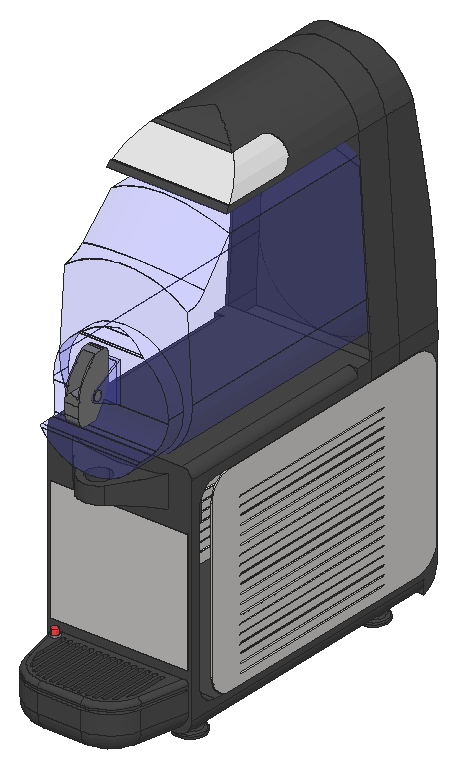
Revit family "QF_Vollrath_VCBF118-37", category Specialty Equipment, Revit 2016
Family settings
  Part Type = Normal
  Round Connector Dimension = Use Diameter
  OmniClass Number = 23.40.40.00
  OmniClass Title = Food Service Equipment and Furnishings
  Work Plane-Based = No
  Always vertical = Yes
  Cut with Voids When Loaded = No
  Shared = No
  Room Calculation Point = No
Parameters
  Width = 7.640"
  Weight in Pounds = 0
  Watermarked By = ""
  Volts = 115 V
  URL Cutsheet = ""
  URL = "www.vollrath.com"
  Status [instance] = ""
  Specification by User [instance] = ""
  Specification by Manufacturer [instance] = ""
  Serial Number [instance] = ""
  Revision Code [instance] = ""
  Phase = 1
  Number of Poles [instance] = 1
  NAFEM Spec ID Number [instance] = ""
  Model = "VCBF118-37"
  Masterspec [instance] = ""
  Manufacturer = "Vollrath"
  Item Number [instance] = "-"
  Installed By [instance] = ""
  Height = 26.140"
  Furnished By [instance] = ""
  Foodservice Equipment Identifier = yes
  FL Amps = 4.8 A
  Electrical Remarks [instance] = ""
  Electric Connection Type = ""
  Elec Conn RI Height [instance] = 0.000"
  Elec Conn Connection Height = 2.000"
  Description = "Granita Countertop Dispenser"
  Depth = 20.320"
  Cycle = 60 Hz
  Conn Plug = "NEMA 5-15P"
  CSI MasterFormat = ""
  Apparent Power = if(Phase = 3, Volts * FL Amps * 1.73, Volts * FL Amps)  # 552 VA
Reference planes (in)
  plane 1 "BACK": y = 0
  plane 2: z = 0
  plane 3 "LEFT": x = -16.56573
  plane 4 "RIGHT": x = -8.92573
  plane 5 "FRONT": y = -20.32
  plane 6 "TOP": z = 26.91
  plane 7: z = 0.77
  plane 8 "Front Inner": y = -16.3
  plane 9 "Center Left Legs": x = -15.24573
  plane 10 "Center Right Legs": x = -10.24573
  plane 11: y = -2.56
  plane 12: y = -14.74
  plane 13 "Bottom of Drain Dish": z = 0.93
  plane 14: x = -12.74573
Forms (in)
  Revolve 1, solid, material "QF_Plastic-Black-Fine Textured"
    sketch origin (-15.24573, 0, 0) x (0, 1, 0) y (0, 0, 1)
      loop
        line (-2.56, 0) -> (-2.56, 0.77) -> (-3.0145, 0.77) -> (-3.05101, 0.35263)
        arc (-3.05101, 0.35263) -> (-3.07459, 0.2886) -> (-3.12734, 0.24533) r 0.13
        line (-3.12734, 0.24533) -> (-3.30277, 0.16669)
        arc (-3.30277, 0.16669) -> (-3.32988, 0.14345) -> (-3.34, 0.1092) r 0.063
        line (-3.34, 0.1092) -> (-3.34, 0) -> (-2.56, 0)
      axis (-2.56, 0) -> (-2.56, 0.77)
    angle from 0 to 360
  Revolve 2, solid, material "QF_Plastic-Black-Fine Textured"
    sketch origin (-15.24573, 0, 0) x (0, 1, 0) y (0, 0, 1)
      loop
        line (-14.74, 0) -> (-14.74, 0.77) -> (-15.1945, 0.77) -> (-15.23101, 0.35263)
        arc (-15.23101, 0.35263) -> (-15.25459, 0.2886) -> (-15.30734, 0.24533) r 0.13
        line (-15.30734, 0.24533) -> (-15.48277, 0.16669)
        arc (-15.48277, 0.16669) -> (-15.50988, 0.14345) -> (-15.52, 0.1092) r 0.063
        line (-15.52, 0.1092) -> (-15.52, 0) -> (-14.74, 0)
      axis (-14.74, 0) -> (-14.74, 0.77)
    angle from 0 to 360
  Revolve 3, solid, material "QF_Plastic-Black-Fine Textured"
    sketch origin (-10.24573, 0, 0) x (0, 1, 0) y (0, 0, 1)
      loop
        line (-2.56, 0) -> (-2.56, 0.77) -> (-3.0145, 0.77) -> (-3.05101, 0.35263)
        arc (-3.05101, 0.35263) -> (-3.07459, 0.2886) -> (-3.12734, 0.24533) r 0.13
        line (-3.12734, 0.24533) -> (-3.30277, 0.16669)
        arc (-3.30277, 0.16669) -> (-3.32988, 0.14345) -> (-3.34, 0.1092) r 0.063
        line (-3.34, 0.1092) -> (-3.34, 0) -> (-2.56, 0)
      axis (-2.56, 0) -> (-2.56, 0.77)
    angle from 0 to 360
  Revolve 4, solid, material "QF_Plastic-Black-Fine Textured"
    sketch origin (-10.24573, 0, 0) x (0, 1, 0) y (0, 0, 1)
      loop
        line (-14.74, 0) -> (-14.74, 0.77) -> (-15.1945, 0.77) -> (-15.23101, 0.35263)
        arc (-15.23101, 0.35263) -> (-15.25459, 0.2886) -> (-15.30734, 0.24533) r 0.13
        line (-15.30734, 0.24533) -> (-15.48277, 0.16669)
        arc (-15.48277, 0.16669) -> (-15.50988, 0.14345) -> (-15.52, 0.1092) r 0.063
        line (-15.52, 0.1092) -> (-15.52, 0) -> (-14.74, 0)
      axis (-14.74, 0) -> (-14.74, 0.77)
    angle from 0 to 360
  Extrusion 5, solid, material "QF_Plastic-Black-Fine Textured"
    sketch origin (-16.56573, 0, 0) x (0, 1, 0) y (0, 0, 1)
      loop
        arc (-1.18, 0.77) -> (-0.34561, 1.11561) -> (0, 1.95) r 1.18
        line (0, 1.95) -> (0, 12.64) -> (-4.38, 12.64) -> (-4.38, 13.53) -> (-16.3, 13.53) -> (-16.3, 0.77) -> (-1.18, 0.77)
    from 0 to 7.64
  Extrusion 6, void
    sketch origin (0, -16.3, 0) x (1, 0, 0) y (0, 0, 1)
      loop
        line (-16.56573, 0.77) -> (-15.78573, 0.77)
        arc (-15.78573, 0.77) -> (-16.33727, 0.99846) -> (-16.56573, 1.55) r 0.78
        line (-16.56573, 1.55) -> (-16.56573, 0.77)
      loop
        line (-8.92573, 0.77) -> (-8.92573, 1.55)
        arc (-8.92573, 1.55) -> (-9.15418, 0.99846) -> (-9.70573, 0.77) r 0.78
        line (-9.70573, 0.77) -> (-8.92573, 0.77)
    from 0 to -15.46
  Extrusion 7, void
    sketch origin (-16.56573, 0, 0) x (0, 1, 0) y (0, 0, 1)
      loop
        line (-15.84, 11.4) -> (-15.84, 3.11)
        arc (-15.84, 3.11) -> (-15.50024, 2.28976) -> (-14.68, 1.95) r 1.16
        line (-14.68, 1.95) -> (-1.285, 1.95)
        arc (-1.285, 1.95) -> (-0.46476, 2.28976) -> (-0.125, 3.11) r 1.16
        line (-0.125, 3.11) -> (-0.125, 11.4)
        arc (-0.125, 11.4) -> (-0.46476, 12.22024) -> (-1.285, 12.56) r 1.16
        line (-1.285, 12.56) -> (-14.68, 12.56)
        arc (-14.68, 12.56) -> (-15.50024, 12.22024) -> (-15.84, 11.4) r 1.16
    from 0 to 7.64
  Extrusion 8, solid, material "QF_Stainless-Polished"
    sketch origin (-16.56573, 0, 0) x (0, 1, 0) y (0, 0, 1)
      loop
        line (-1.285, 12.56) -> (-14.68, 12.56)
        arc (-14.68, 12.56) -> (-15.50024, 12.22024) -> (-15.84, 11.4) r 1.16
        line (-15.84, 11.4) -> (-15.84, 3.11)
        arc (-15.84, 3.11) -> (-15.50024, 2.28976) -> (-14.68, 1.95) r 1.16
        line (-14.68, 1.95) -> (-1.285, 1.95)
        arc (-1.285, 1.95) -> (-0.46476, 2.28976) -> (-0.125, 3.11) r 1.16
        line (-0.125, 3.11) -> (-0.125, 11.4)
        arc (-0.125, 11.4) -> (-0.46476, 12.22024) -> (-1.285, 12.56) r 1.16
      loop
        line (-13.9, 2.45) -> (-3.725, 2.45)
        arc (-3.725, 2.45) -> (-3.61186, 2.40314) -> (-3.565, 2.29) r 0.16
        line (-3.565, 2.29) -> (-3.565, 2.42)
        arc (-3.565, 2.42) -> (-3.61186, 2.53314) -> (-3.725, 2.58) r 0.16
        line (-3.725, 2.58) -> (-13.9, 2.58)
        arc (-13.9, 2.58) -> (-14.01314, 2.53314) -> (-14.06, 2.42) r 0.16
        line (-14.06, 2.42) -> (-14.06, 2.29)
        arc (-14.06, 2.29) -> (-14.01314, 2.40314) -> (-13.9, 2.45) r 0.16
      loop
        line (-13.9, 2.92) -> (-3.725, 2.92)
        arc (-3.725, 2.92) -> (-3.61186, 2.87314) -> (-3.565, 2.76) r 0.16
        line (-3.565, 2.76) -> (-3.565, 2.89)
        arc (-3.565, 2.89) -> (-3.61186, 3.00314) -> (-3.725, 3.05) r 0.16
        line (-3.725, 3.05) -> (-13.9, 3.05)
        arc (-13.9, 3.05) -> (-14.01314, 3.00314) -> (-14.06, 2.89) r 0.16
        line (-14.06, 2.89) -> (-14.06, 2.76)
        arc (-14.06, 2.76) -> (-14.01314, 2.87314) -> (-13.9, 2.92) r 0.16
      loop
        line (-13.9, 3.39) -> (-3.725, 3.39)
        arc (-3.725, 3.39) -> (-3.61186, 3.34314) -> (-3.565, 3.23) r 0.16
        line (-3.565, 3.23) -> (-3.565, 3.36)
        arc (-3.565, 3.36) -> (-3.61186, 3.47314) -> (-3.725, 3.52) r 0.16
        line (-3.725, 3.52) -> (-13.9, 3.52)
        arc (-13.9, 3.52) -> (-14.01314, 3.47314) -> (-14.06, 3.36) r 0.16
        line (-14.06, 3.36) -> (-14.06, 3.23)
        arc (-14.06, 3.23) -> (-14.01314, 3.34314) -> (-13.9, 3.39) r 0.16
      loop
        line (-13.9, 3.86) -> (-3.725, 3.86)
        arc (-3.725, 3.86) -> (-3.61186, 3.81314) -> (-3.565, 3.7) r 0.16
        line (-3.565, 3.7) -> (-3.565, 3.83)
        arc (-3.565, 3.83) -> (-3.61186, 3.94314) -> (-3.725, 3.99) r 0.16
        line (-3.725, 3.99) -> (-13.9, 3.99)
        arc (-13.9, 3.99) -> (-14.01314, 3.94314) -> (-14.06, 3.83) r 0.16
        line (-14.06, 3.83) -> (-14.06, 3.7)
        arc (-14.06, 3.7) -> (-14.01314, 3.81314) -> (-13.9, 3.86) r 0.16
      loop
        line (-13.9, 4.33) -> (-3.725, 4.33)
        arc (-3.725, 4.33) -> (-3.61186, 4.28314) -> (-3.565, 4.17) r 0.16
        line (-3.565, 4.17) -> (-3.565, 4.3)
        arc (-3.565, 4.3) -> (-3.61186, 4.41314) -> (-3.725, 4.46) r 0.16
        line (-3.725, 4.46) -> (-13.9, 4.46)
        arc (-13.9, 4.46) -> (-14.01314, 4.41314) -> (-14.06, 4.3) r 0.16
        line (-14.06, 4.3) -> (-14.06, 4.17)
        arc (-14.06, 4.17) -> (-14.01314, 4.28314) -> (-13.9, 4.33) r 0.16
      loop
        line (-13.9, 4.8) -> (-3.725, 4.8)
        arc (-3.725, 4.8) -> (-3.61186, 4.75314) -> (-3.565, 4.64) r 0.16
        line (-3.565, 4.64) -> (-3.565, 4.77)
        arc (-3.565, 4.77) -> (-3.61186, 4.88314) -> (-3.725, 4.93) r 0.16
        line (-3.725, 4.93) -> (-13.9, 4.93)
        arc (-13.9, 4.93) -> (-14.01314, 4.88314) -> (-14.06, 4.77) r 0.16
        line (-14.06, 4.77) -> (-14.06, 4.64)
        arc (-14.06, 4.64) -> (-14.01314, 4.75314) -> (-13.9, 4.8) r 0.16
      loop
        line (-13.9, 5.27) -> (-3.725, 5.27)
        arc (-3.725, 5.27) -> (-3.61186, 5.22314) -> (-3.565, 5.11) r 0.16
        line (-3.565, 5.11) -> (-3.565, 5.24)
        arc (-3.565, 5.24) -> (-3.61186, 5.35314) -> (-3.725, 5.4) r 0.16
        line (-3.725, 5.4) -> (-13.9, 5.4)
        arc (-13.9, 5.4) -> (-14.01314, 5.35314) -> (-14.06, 5.24) r 0.16
        line (-14.06, 5.24) -> (-14.06, 5.11)
        arc (-14.06, 5.11) -> (-14.01314, 5.22314) -> (-13.9, 5.27) r 0.16
      loop
        line (-13.9, 5.74) -> (-3.725, 5.74)
        arc (-3.725, 5.74) -> (-3.61186, 5.69314) -> (-3.565, 5.58) r 0.16
        line (-3.565, 5.58) -> (-3.565, 5.71)
        arc (-3.565, 5.71) -> (-3.61186, 5.82314) -> (-3.725, 5.87) r 0.16
        line (-3.725, 5.87) -> (-13.9, 5.87)
        arc (-13.9, 5.87) -> (-14.01314, 5.82314) -> (-14.06, 5.71) r 0.16
        line (-14.06, 5.71) -> (-14.06, 5.58)
        arc (-14.06, 5.58) -> (-14.01314, 5.69314) -> (-13.9, 5.74) r 0.16
      loop
        line (-13.9, 6.21) -> (-3.725, 6.21)
        arc (-3.725, 6.21) -> (-3.61186, 6.16314) -> (-3.565, 6.05) r 0.16
        line (-3.565, 6.05) -> (-3.565, 6.18)
        arc (-3.565, 6.18) -> (-3.61186, 6.29314) -> (-3.725, 6.34) r 0.16
        line (-3.725, 6.34) -> (-13.9, 6.34)
        arc (-13.9, 6.34) -> (-14.01314, 6.29314) -> (-14.06, 6.18) r 0.16
        line (-14.06, 6.18) -> (-14.06, 6.05)
        arc (-14.06, 6.05) -> (-14.01314, 6.16314) -> (-13.9, 6.21) r 0.16
      loop
        line (-13.9, 6.68) -> (-3.725, 6.68)
        arc (-3.725, 6.68) -> (-3.61186, 6.63314) -> (-3.565, 6.52) r 0.16
        line (-3.565, 6.52) -> (-3.565, 6.65)
        arc (-3.565, 6.65) -> (-3.61186, 6.76314) -> (-3.725, 6.81) r 0.16
        line (-3.725, 6.81) -> (-13.9, 6.81)
        arc (-13.9, 6.81) -> (-14.01314, 6.76314) -> (-14.06, 6.65) r 0.16
        line (-14.06, 6.65) -> (-14.06, 6.52)
        arc (-14.06, 6.52) -> (-14.01314, 6.63314) -> (-13.9, 6.68) r 0.16
      loop
        line (-13.9, 7.15) -> (-3.725, 7.15)
        arc (-3.725, 7.15) -> (-3.61186, 7.10314) -> (-3.565, 6.99) r 0.16
        line (-3.565, 6.99) -> (-3.565, 7.12)
        arc (-3.565, 7.12) -> (-3.61186, 7.23314) -> (-3.725, 7.28) r 0.16
        line (-3.725, 7.28) -> (-13.9, 7.28)
        arc (-13.9, 7.28) -> (-14.01314, 7.23314) -> (-14.06, 7.12) r 0.16
        line (-14.06, 7.12) -> (-14.06, 6.99)
        arc (-14.06, 6.99) -> (-14.01314, 7.10314) -> (-13.9, 7.15) r 0.16
      loop
        line (-13.9, 7.62) -> (-3.725, 7.62)
        arc (-3.725, 7.62) -> (-3.61186, 7.57314) -> (-3.565, 7.46) r 0.16
        line (-3.565, 7.46) -> (-3.565, 7.59)
        arc (-3.565, 7.59) -> (-3.61186, 7.70314) -> (-3.725, 7.75) r 0.16
        line (-3.725, 7.75) -> (-13.9, 7.75)
        arc (-13.9, 7.75) -> (-14.01314, 7.70314) -> (-14.06, 7.59) r 0.16
        line (-14.06, 7.59) -> (-14.06, 7.46)
        arc (-14.06, 7.46) -> (-14.01314, 7.57314) -> (-13.9, 7.62) r 0.16
      loop
        line (-13.9, 8.09) -> (-3.725, 8.09)
        arc (-3.725, 8.09) -> (-3.61186, 8.04314) -> (-3.565, 7.93) r 0.16
        line (-3.565, 7.93) -> (-3.565, 8.06)
        arc (-3.565, 8.06) -> (-3.61186, 8.17314) -> (-3.725, 8.22) r 0.16
        line (-3.725, 8.22) -> (-13.9, 8.22)
        arc (-13.9, 8.22) -> (-14.01314, 8.17314) -> (-14.06, 8.06) r 0.16
        line (-14.06, 8.06) -> (-14.06, 7.93)
        arc (-14.06, 7.93) -> (-14.01314, 8.04314) -> (-13.9, 8.09) r 0.16
      loop
        line (-13.9, 8.56) -> (-3.725, 8.56)
        arc (-3.725, 8.56) -> (-3.61186, 8.51314) -> (-3.565, 8.4) r 0.16
        line (-3.565, 8.4) -> (-3.565, 8.53)
        arc (-3.565, 8.53) -> (-3.61186, 8.64314) -> (-3.725, 8.69) r 0.16
        line (-3.725, 8.69) -> (-13.9, 8.69)
        arc (-13.9, 8.69) -> (-14.01314, 8.64314) -> (-14.06, 8.53) r 0.16
        line (-14.06, 8.53) -> (-14.06, 8.4)
        arc (-14.06, 8.4) -> (-14.01314, 8.51314) -> (-13.9, 8.56) r 0.16
      loop
        line (-13.9, 9.03) -> (-3.725, 9.03)
        arc (-3.725, 9.03) -> (-3.61186, 8.98314) -> (-3.565, 8.87) r 0.16
        line (-3.565, 8.87) -> (-3.565, 9)
        arc (-3.565, 9) -> (-3.61186, 9.11314) -> (-3.725, 9.16) r 0.16
        line (-3.725, 9.16) -> (-13.9, 9.16)
        arc (-13.9, 9.16) -> (-14.01314, 9.11314) -> (-14.06, 9) r 0.16
        line (-14.06, 9) -> (-14.06, 8.87)
        arc (-14.06, 8.87) -> (-14.01314, 8.98314) -> (-13.9, 9.03) r 0.16
      loop
        line (-13.9, 9.5) -> (-3.725, 9.5)
        arc (-3.725, 9.5) -> (-3.61186, 9.45314) -> (-3.565, 9.34) r 0.16
        line (-3.565, 9.34) -> (-3.565, 9.47)
        arc (-3.565, 9.47) -> (-3.61186, 9.58314) -> (-3.725, 9.63) r 0.16
        line (-3.725, 9.63) -> (-13.9, 9.63)
        arc (-13.9, 9.63) -> (-14.01314, 9.58314) -> (-14.06, 9.47) r 0.16
        line (-14.06, 9.47) -> (-14.06, 9.34)
        arc (-14.06, 9.34) -> (-14.01314, 9.45314) -> (-13.9, 9.5) r 0.16
      loop
        line (-13.9, 9.97) -> (-3.725, 9.97)
        arc (-3.725, 9.97) -> (-3.61186, 9.92314) -> (-3.565, 9.81) r 0.16
        line (-3.565, 9.81) -> (-3.565, 9.94)
        arc (-3.565, 9.94) -> (-3.61186, 10.05314) -> (-3.725, 10.1) r 0.16
        line (-3.725, 10.1) -> (-13.9, 10.1)
        arc (-13.9, 10.1) -> (-14.01314, 10.05314) -> (-14.06, 9.94) r 0.16
        line (-14.06, 9.94) -> (-14.06, 9.81)
        arc (-14.06, 9.81) -> (-14.01314, 9.92314) -> (-13.9, 9.97) r 0.16
      loop
        line (-13.9, 10.44) -> (-3.725, 10.44)
        arc (-3.725, 10.44) -> (-3.61186, 10.39314) -> (-3.565, 10.28) r 0.16
        line (-3.565, 10.28) -> (-3.565, 10.41)
        arc (-3.565, 10.41) -> (-3.61186, 10.52314) -> (-3.725, 10.57) r 0.16
        line (-3.725, 10.57) -> (-13.9, 10.57)
        arc (-13.9, 10.57) -> (-14.01314, 10.52314) -> (-14.06, 10.41) r 0.16
        line (-14.06, 10.41) -> (-14.06, 10.28)
        arc (-14.06, 10.28) -> (-14.01314, 10.39314) -> (-13.9, 10.44) r 0.16
      loop
        line (-13.9, 10.91) -> (-13.75, 10.91) -> (-3.725, 10.91)
        arc (-3.725, 10.91) -> (-3.61186, 10.86314) -> (-3.565, 10.75) r 0.16
        line (-3.565, 10.75) -> (-3.565, 10.88)
        arc (-3.565, 10.88) -> (-3.61186, 10.99314) -> (-3.725, 11.04) r 0.16
        line (-3.725, 11.04) -> (-13.9, 11.04)
        arc (-13.9, 11.04) -> (-14.01314, 10.99314) -> (-14.06, 10.88) r 0.16
        line (-14.06, 10.88) -> (-14.06, 10.75)
        arc (-14.06, 10.75) -> (-14.01314, 10.86314) -> (-13.9, 10.91) r 0.16
    from 0 to -0.063
  Extrusion 9, solid, material "QF_Stainless-Polished"
    sketch origin (-8.92573, 0, 0) x (0, 1, 0) y (0, 0, 1)
      loop
        arc (-13.84, 12.56) -> (-14.66024, 12.22024) -> (-15, 11.4) r 1.16
        line (-15, 11.4) -> (-15, 3.11)
        arc (-15, 3.11) -> (-14.66024, 2.28976) -> (-13.84, 1.95) r 1.16
        line (-13.84, 1.95) -> (-1.285, 1.95)
        arc (-1.285, 1.95) -> (-0.46476, 2.28976) -> (-0.125, 3.11) r 1.16
        line (-0.125, 3.11) -> (-0.125, 11.4)
        arc (-0.125, 11.4) -> (-0.46476, 12.22024) -> (-1.285, 12.56) r 1.16
        line (-1.285, 12.56) -> (-13.84, 12.56)
      loop
        arc (-3.725, 2.45) -> (-3.61186, 2.40314) -> (-3.565, 2.29) r 0.16
        line (-3.565, 2.29) -> (-3.565, 2.42)
        arc (-3.565, 2.42) -> (-3.61186, 2.53314) -> (-3.725, 2.58) r 0.16
        line (-3.725, 2.58) -> (-13.06, 2.58)
        arc (-13.06, 2.58) -> (-13.17314, 2.53314) -> (-13.22, 2.42) r 0.16
        line (-13.22, 2.42) -> (-13.22, 2.29)
        arc (-13.22, 2.29) -> (-13.17314, 2.40314) -> (-13.06, 2.45) r 0.16
        line (-13.06, 2.45) -> (-3.725, 2.45)
      loop
        arc (-3.725, 2.92) -> (-3.61186, 2.87314) -> (-3.565, 2.76) r 0.16
        line (-3.565, 2.76) -> (-3.565, 2.89)
        arc (-3.565, 2.89) -> (-3.61186, 3.00314) -> (-3.725, 3.05) r 0.16
        line (-3.725, 3.05) -> (-13.06, 3.05)
        arc (-13.06, 3.05) -> (-13.17314, 3.00314) -> (-13.22, 2.89) r 0.16
        line (-13.22, 2.89) -> (-13.22, 2.76)
        arc (-13.22, 2.76) -> (-13.17314, 2.87314) -> (-13.06, 2.92) r 0.16
        line (-13.06, 2.92) -> (-3.725, 2.92)
      loop
        arc (-3.725, 3.39) -> (-3.61186, 3.34314) -> (-3.565, 3.23) r 0.16
        line (-3.565, 3.23) -> (-3.565, 3.36)
        arc (-3.565, 3.36) -> (-3.61186, 3.47314) -> (-3.725, 3.52) r 0.16
        line (-3.725, 3.52) -> (-13.06, 3.52)
        arc (-13.06, 3.52) -> (-13.17314, 3.47314) -> (-13.22, 3.36) r 0.16
        line (-13.22, 3.36) -> (-13.22, 3.23)
        arc (-13.22, 3.23) -> (-13.17314, 3.34314) -> (-13.06, 3.39) r 0.16
        line (-13.06, 3.39) -> (-3.725, 3.39)
      loop
        arc (-3.725, 3.86) -> (-3.61186, 3.81314) -> (-3.565, 3.7) r 0.16
        line (-3.565, 3.7) -> (-3.565, 3.83)
        arc (-3.565, 3.83) -> (-3.61186, 3.94314) -> (-3.725, 3.99) r 0.16
        line (-3.725, 3.99) -> (-13.06, 3.99)
        arc (-13.06, 3.99) -> (-13.17314, 3.94314) -> (-13.22, 3.83) r 0.16
        line (-13.22, 3.83) -> (-13.22, 3.7)
        arc (-13.22, 3.7) -> (-13.17314, 3.81314) -> (-13.06, 3.86) r 0.16
        line (-13.06, 3.86) -> (-3.725, 3.86)
      loop
        arc (-3.725, 4.33) -> (-3.61186, 4.28314) -> (-3.565, 4.17) r 0.16
        line (-3.565, 4.17) -> (-3.565, 4.3)
        arc (-3.565, 4.3) -> (-3.61186, 4.41314) -> (-3.725, 4.46) r 0.16
        line (-3.725, 4.46) -> (-13.06, 4.46)
        arc (-13.06, 4.46) -> (-13.17314, 4.41314) -> (-13.22, 4.3) r 0.16
        line (-13.22, 4.3) -> (-13.22, 4.17)
        arc (-13.22, 4.17) -> (-13.17314, 4.28314) -> (-13.06, 4.33) r 0.16
        line (-13.06, 4.33) -> (-3.725, 4.33)
      loop
        arc (-3.725, 4.8) -> (-3.61186, 4.75314) -> (-3.565, 4.64) r 0.16
        line (-3.565, 4.64) -> (-3.565, 4.77)
        arc (-3.565, 4.77) -> (-3.61186, 4.88314) -> (-3.725, 4.93) r 0.16
        line (-3.725, 4.93) -> (-13.06, 4.93)
        arc (-13.06, 4.93) -> (-13.17314, 4.88314) -> (-13.22, 4.77) r 0.16
        line (-13.22, 4.77) -> (-13.22, 4.64)
        arc (-13.22, 4.64) -> (-13.17314, 4.75314) -> (-13.06, 4.8) r 0.16
        line (-13.06, 4.8) -> (-3.725, 4.8)
      loop
        arc (-3.725, 5.27) -> (-3.61186, 5.22314) -> (-3.565, 5.11) r 0.16
        line (-3.565, 5.11) -> (-3.565, 5.24)
        arc (-3.565, 5.24) -> (-3.61186, 5.35314) -> (-3.725, 5.4) r 0.16
        line (-3.725, 5.4) -> (-13.06, 5.4)
        arc (-13.06, 5.4) -> (-13.17314, 5.35314) -> (-13.22, 5.24) r 0.16
        line (-13.22, 5.24) -> (-13.22, 5.11)
        arc (-13.22, 5.11) -> (-13.17314, 5.22314) -> (-13.06, 5.27) r 0.16
        line (-13.06, 5.27) -> (-3.725, 5.27)
      loop
        arc (-3.725, 5.74) -> (-3.61186, 5.69314) -> (-3.565, 5.58) r 0.16
        line (-3.565, 5.58) -> (-3.565, 5.71)
        arc (-3.565, 5.71) -> (-3.61186, 5.82314) -> (-3.725, 5.87) r 0.16
        line (-3.725, 5.87) -> (-13.06, 5.87)
        arc (-13.06, 5.87) -> (-13.17314, 5.82314) -> (-13.22, 5.71) r 0.16
        line (-13.22, 5.71) -> (-13.22, 5.58)
        arc (-13.22, 5.58) -> (-13.17314, 5.69314) -> (-13.06, 5.74) r 0.16
        line (-13.06, 5.74) -> (-3.725, 5.74)
      loop
        arc (-3.725, 6.21) -> (-3.61186, 6.16314) -> (-3.565, 6.05) r 0.16
        line (-3.565, 6.05) -> (-3.565, 6.18)
        arc (-3.565, 6.18) -> (-3.61186, 6.29314) -> (-3.725, 6.34) r 0.16
        line (-3.725, 6.34) -> (-13.06, 6.34)
        arc (-13.06, 6.34) -> (-13.17314, 6.29314) -> (-13.22, 6.18) r 0.16
        line (-13.22, 6.18) -> (-13.22, 6.05)
        arc (-13.22, 6.05) -> (-13.17314, 6.16314) -> (-13.06, 6.21) r 0.16
        line (-13.06, 6.21) -> (-3.725, 6.21)
      loop
        arc (-3.725, 6.68) -> (-3.61186, 6.63314) -> (-3.565, 6.52) r 0.16
        line (-3.565, 6.52) -> (-3.565, 6.65)
        arc (-3.565, 6.65) -> (-3.61186, 6.76314) -> (-3.725, 6.81) r 0.16
        line (-3.725, 6.81) -> (-13.06, 6.81)
        arc (-13.06, 6.81) -> (-13.17314, 6.76314) -> (-13.22, 6.65) r 0.16
        line (-13.22, 6.65) -> (-13.22, 6.52)
        arc (-13.22, 6.52) -> (-13.17314, 6.63314) -> (-13.06, 6.68) r 0.16
        line (-13.06, 6.68) -> (-3.725, 6.68)
      loop
        arc (-3.725, 7.15) -> (-3.61186, 7.10314) -> (-3.565, 6.99) r 0.16
        line (-3.565, 6.99) -> (-3.565, 7.12)
        arc (-3.565, 7.12) -> (-3.61186, 7.23314) -> (-3.725, 7.28) r 0.16
        line (-3.725, 7.28) -> (-13.06, 7.28)
        arc (-13.06, 7.28) -> (-13.17314, 7.23314) -> (-13.22, 7.12) r 0.16
        line (-13.22, 7.12) -> (-13.22, 6.99)
        arc (-13.22, 6.99) -> (-13.17314, 7.10314) -> (-13.06, 7.15) r 0.16
        line (-13.06, 7.15) -> (-3.725, 7.15)
      loop
        arc (-3.725, 7.62) -> (-3.61186, 7.57314) -> (-3.565, 7.46) r 0.16
        line (-3.565, 7.46) -> (-3.565, 7.59)
        arc (-3.565, 7.59) -> (-3.61186, 7.70314) -> (-3.725, 7.75) r 0.16
        line (-3.725, 7.75) -> (-13.06, 7.75)
        arc (-13.06, 7.75) -> (-13.17314, 7.70314) -> (-13.22, 7.59) r 0.16
        line (-13.22, 7.59) -> (-13.22, 7.46)
        arc (-13.22, 7.46) -> (-13.17314, 7.57314) -> (-13.06, 7.62) r 0.16
        line (-13.06, 7.62) -> (-3.725, 7.62)
      loop
        arc (-3.725, 8.09) -> (-3.61186, 8.04314) -> (-3.565, 7.93) r 0.16
        line (-3.565, 7.93) -> (-3.565, 8.06)
        arc (-3.565, 8.06) -> (-3.61186, 8.17314) -> (-3.725, 8.22) r 0.16
        line (-3.725, 8.22) -> (-13.06, 8.22)
        arc (-13.06, 8.22) -> (-13.17314, 8.17314) -> (-13.22, 8.06) r 0.16
        line (-13.22, 8.06) -> (-13.22, 7.93)
        arc (-13.22, 7.93) -> (-13.17314, 8.04314) -> (-13.06, 8.09) r 0.16
        line (-13.06, 8.09) -> (-3.725, 8.09)
      loop
        arc (-3.725, 8.56) -> (-3.61186, 8.51314) -> (-3.565, 8.4) r 0.16
        line (-3.565, 8.4) -> (-3.565, 8.53)
        arc (-3.565, 8.53) -> (-3.61186, 8.64314) -> (-3.725, 8.69) r 0.16
        line (-3.725, 8.69) -> (-13.06, 8.69)
        arc (-13.06, 8.69) -> (-13.17314, 8.64314) -> (-13.22, 8.53) r 0.16
        line (-13.22, 8.53) -> (-13.22, 8.4)
        arc (-13.22, 8.4) -> (-13.17314, 8.51314) -> (-13.06, 8.56) r 0.16
        line (-13.06, 8.56) -> (-3.725, 8.56)
      loop
        arc (-3.725, 9.03) -> (-3.61186, 8.98314) -> (-3.565, 8.87) r 0.16
        line (-3.565, 8.87) -> (-3.565, 9)
        arc (-3.565, 9) -> (-3.61186, 9.11314) -> (-3.725, 9.16) r 0.16
        line (-3.725, 9.16) -> (-13.06, 9.16)
        arc (-13.06, 9.16) -> (-13.17314, 9.11314) -> (-13.22, 9) r 0.16
        line (-13.22, 9) -> (-13.22, 8.87)
        arc (-13.22, 8.87) -> (-13.17314, 8.98314) -> (-13.06, 9.03) r 0.16
        line (-13.06, 9.03) -> (-3.725, 9.03)
      loop
        arc (-3.725, 9.5) -> (-3.61186, 9.45314) -> (-3.565, 9.34) r 0.16
        line (-3.565, 9.34) -> (-3.565, 9.47)
        arc (-3.565, 9.47) -> (-3.61186, 9.58314) -> (-3.725, 9.63) r 0.16
        line (-3.725, 9.63) -> (-13.06, 9.63)
        arc (-13.06, 9.63) -> (-13.17314, 9.58314) -> (-13.22, 9.47) r 0.16
        line (-13.22, 9.47) -> (-13.22, 9.34)
        arc (-13.22, 9.34) -> (-13.17314, 9.45314) -> (-13.06, 9.5) r 0.16
        line (-13.06, 9.5) -> (-3.725, 9.5)
      loop
        arc (-3.725, 9.97) -> (-3.61186, 9.92314) -> (-3.565, 9.81) r 0.16
        line (-3.565, 9.81) -> (-3.565, 9.94)
        arc (-3.565, 9.94) -> (-3.61186, 10.05314) -> (-3.725, 10.1) r 0.16
        line (-3.725, 10.1) -> (-13.06, 10.1)
        arc (-13.06, 10.1) -> (-13.17314, 10.05314) -> (-13.22, 9.94) r 0.16
        line (-13.22, 9.94) -> (-13.22, 9.81)
        arc (-13.22, 9.81) -> (-13.17314, 9.92314) -> (-13.06, 9.97) r 0.16
        line (-13.06, 9.97) -> (-3.725, 9.97)
      loop
        arc (-3.725, 10.44) -> (-3.61186, 10.39314) -> (-3.565, 10.28) r 0.16
        line (-3.565, 10.28) -> (-3.565, 10.41)
        arc (-3.565, 10.41) -> (-3.61186, 10.52314) -> (-3.725, 10.57) r 0.16
        line (-3.725, 10.57) -> (-13.06, 10.57)
        arc (-13.06, 10.57) -> (-13.17314, 10.52314) -> (-13.22, 10.41) r 0.16
        line (-13.22, 10.41) -> (-13.22, 10.28)
        arc (-13.22, 10.28) -> (-13.17314, 10.39314) -> (-13.06, 10.44) r 0.16
        line (-13.06, 10.44) -> (-3.725, 10.44)
      loop
        arc (-3.725, 10.91) -> (-3.61186, 10.86314) -> (-3.565, 10.75) r 0.16
        line (-3.565, 10.75) -> (-3.565, 10.88)
        arc (-3.565, 10.88) -> (-3.61186, 10.99314) -> (-3.725, 11.04) r 0.16
        line (-3.725, 11.04) -> (-13.06, 11.04)
        arc (-13.06, 11.04) -> (-13.17314, 10.99314) -> (-13.22, 10.88) r 0.16
        line (-13.22, 10.88) -> (-13.22, 10.75)
        arc (-13.22, 10.75) -> (-13.17314, 10.86314) -> (-13.06, 10.91) r 0.16
        line (-13.06, 10.91) -> (-3.875, 10.91) -> (-3.725, 10.91)
    from 0 to 0.063
  Extrusion 10, solid, material "QF_Stainless-Polished"
    sketch origin (0, -16.3, 0) x (1, 0, 0) y (0, 0, 1)
      loop
        line (-16.38573, 3.93) -> (-9.10573, 3.93) -> (-9.10573, 10.43) -> (-16.38573, 10.43) -> (-16.38573, 3.93)
    from 0 to 0.063
  Extrusion 11, void
    sketch origin (0, -20.32, 0) x (-1, 0, 0) y (0, 0, 1)
      loop
        line (16.56573, 13.53) -> (16.06573, 13.53)
        arc (16.06573, 13.53) -> (16.41928, 13.38355) -> (16.56573, 13.03) r 0.5
        line (16.56573, 13.03) -> (16.56573, 13.53)
      loop
        line (8.92573, 13.53) -> (8.92573, 13.03)
        arc (8.92573, 13.03) -> (9.07217, 13.38355) -> (9.42573, 13.53) r 0.5
        line (9.42573, 13.53) -> (8.92573, 13.53)
    from 0 to 15.1
  Extrusion 12, solid, material "QF_Plastic-Black-Fine Textured"
    sketch origin (0, 0, 0) x (1, 0, 0) y (0, 0, 1)
      loop
        circle (-15.24573, 3.93) r 0.125
    from 0 to -0.125
Cuts and joins
  Extrusion 6, Extrusion 7, Extrusion 11 cuts Extrusion 5
Dimensions and locks (in)
  "Width": plane 3 "LEFT" to plane 4 "RIGHT"
  "Depth": plane 5 "FRONT" to plane 1 "BACK"
  locked: plane 7 to plane 2 at 0.77
  "Height": plane 6 "TOP" to plane 7
  locked: plane 8 "Front Inner" to plane 1 "BACK" at 16.3
  locked: plane 3 "LEFT" to plane 9 "Center Left Legs" at 1.32
  locked: plane 10 "Center Right Legs" to plane 4 "RIGHT" at 1.32
  locked: plane 11 to plane 1 "BACK" at 2.56
  locked: plane 8 "Front Inner" to plane 12 at 1.56
  locked: plane 1 "BACK" to Extrusion 8 sketch curve at 0.125
  locked: Extrusion 8 sketch curve to plane 7 at 1.18
  locked: Extrusion 8 sketch curve to plane 8 "Front Inner" at 0.46
  locked: plane 7 to Extrusion 8 sketch curve at 11.79
  locked: plane 13 "Bottom of Drain Dish" to plane 7 at 0.16
  equal spacing: plane 3 "LEFT", plane 14, plane 4 "RIGHT"
  locked: Extrusion 5 sketch curve to plane 7 at 12.76
  aligned and locked: level to plane 2
  aligned and locked: level to Revolve 1 sketch curve
  aligned and locked: Revolve 1 sketch curve to plane 11
  aligned and locked: Revolve 1 sketch curve to plane 7
  aligned and locked: Revolve 1 sketch curve to level
  aligned and locked: Revolve 1 sketch curve to Revolve 1 sketch curve
  aligned and locked: level to Revolve 2 sketch curve
  aligned and locked: Revolve 2 sketch curve to plane 12
  aligned and locked: Revolve 2 sketch curve to plane 7
  aligned and locked: Revolve 2 sketch curve to level
  aligned and locked: Revolve 2 sketch curve to Revolve 2 sketch curve
  aligned and locked: Revolve 3 sketch curve to Revolve 3 sketch curve
  aligned and locked: Revolve 3 sketch curve to plane 11
  aligned and locked: Revolve 3 sketch curve to plane 7
  aligned and locked: Revolve 3 sketch curve to level
  aligned and locked: Revolve 4 sketch curve to Revolve 4 sketch curve
  aligned and locked: Revolve 4 sketch curve to plane 12
  aligned and locked: Revolve 4 sketch curve to plane 7
  aligned and locked: Revolve 4 sketch curve to level
  aligned and locked: Extrusion 5 sketch curve to plane 7
  aligned and locked: Extrusion 5 sketch curve to plane 1 "BACK"
  aligned and locked: plane 8 "Front Inner" to Extrusion 5 sketch curve
  aligned and locked: plane 4 "RIGHT" to Extrusion 5
  aligned and locked: Extrusion 6 sketch curve to plane 7
  aligned and locked: plane 3 "LEFT" to Extrusion 6 sketch curve
  aligned and locked: plane 4 "RIGHT" to Extrusion 6 sketch curve
  aligned and locked: plane 7 to Extrusion 6 sketch curve
  aligned and locked: plane 4 "RIGHT" to Extrusion 7
  aligned and locked: plane 14 to nested 1
  aligned and locked: plane 5 "FRONT" to nested 1
  aligned and locked: plane 14 to nested 2
  aligned and locked: plane 1 "BACK" to nested 2
  aligned and locked: Extrusion 11 sketch curve to cut or joined group of Extrusion 5, Extrusion 6, Extrusion 7, Extrusion 11  (x2)
Automatic sketch dimensions
  Revolve 1 sketch curve to plane 7 = 0.000"
  Revolve 1 sketch curve to Revolve 1 sketch curve = 0.4545"
  Revolve 1 sketch curve to Revolve 1 sketch curve = 0.03652"
  level to Revolve 1 sketch curve = 0.24533"
  Revolve 1 sketch curve to Revolve 1 sketch curve = 0.07633"
  Revolve 1 sketch curve to Revolve 1 sketch curve = 0.05318"
  Revolve 1 sketch curve to Revolve 1 sketch curve = 0.14966"
  level to Revolve 1 sketch curve = 0.16669"
  Revolve 1 sketch curve to Revolve 1 sketch curve = 0.02577"
  Revolve 1 sketch curve to Revolve 1 sketch curve = 0.063"
  Revolve 1 sketch curve to Revolve 1 sketch curve = 0.1073"
  Revolve 2 sketch curve to plane 7 = 0.000"
  plane 12 to Revolve 2 sketch curve = 0.4545"
  Revolve 2 sketch curve to Revolve 2 sketch curve = 0.03652"
  level to Revolve 2 sketch curve = 0.24533"
  Revolve 2 sketch curve to Revolve 2 sketch curve = 0.07633"
  Revolve 2 sketch curve to Revolve 2 sketch curve = 0.05318"
  Revolve 2 sketch curve to Revolve 2 sketch curve = 0.14966"
  level to Revolve 2 sketch curve = 0.16669"
  Revolve 2 sketch curve to Revolve 2 sketch curve = 0.02577"
  Revolve 2 sketch curve to Revolve 2 sketch curve = 0.063"
  Revolve 2 sketch curve to Revolve 2 sketch curve = 0.1073"
  Revolve 3 sketch curve to plane 7 = 0.000"
  Revolve 3 sketch curve to level = 0.000"
  level to Revolve 3 sketch curve = 0.1092"
  level to Revolve 3 sketch curve = 0.16669"
  Revolve 3 sketch curve to Revolve 3 sketch curve = 0.03723"
  Revolve 3 sketch curve to Revolve 3 sketch curve = 0.12225"
  level to Revolve 3 sketch curve = 0.24533"
  Revolve 3 sketch curve to Revolve 3 sketch curve = 0.05318"
  level to Revolve 3 sketch curve = 0.35263"
  Revolve 3 sketch curve to Revolve 3 sketch curve = 0.12951"
  Revolve 3 sketch curve to Revolve 3 sketch curve = 0.03652"
  Revolve 3 sketch curve to Revolve 3 sketch curve = 0.49101"
  Revolve 4 sketch curve to level = 0.000"
  Revolve 4 sketch curve to plane 7 = 0.000"
  Revolve 4 sketch curve to Revolve 4 sketch curve = 0.4545"
  Revolve 4 sketch curve to Revolve 4 sketch curve = 0.03652"
  level to Revolve 4 sketch curve = 0.24533"
  Revolve 4 sketch curve to Revolve 4 sketch curve = 0.07633"
  Revolve 4 sketch curve to Revolve 4 sketch curve = 0.05318"
  Revolve 4 sketch curve to Revolve 4 sketch curve = 0.14966"
  level to Revolve 4 sketch curve = 0.16669"
  Revolve 4 sketch curve to Revolve 4 sketch curve = 0.02577"
  Revolve 4 sketch curve to Revolve 4 sketch curve = 0.063"
  Revolve 4 sketch curve to Revolve 4 sketch curve = 0.1073"
  plane 11 to Extrusion 5 sketch curve = 1.820"
  plane 1 "BACK" to Extrusion 5 sketch curve = 1.180"
  Extrusion 6 sketch curve to plane 9 "Center Left Legs" = 0.540"
  plane 10 "Center Right Legs" to Extrusion 6 sketch curve = 0.540"
  Extrusion 7 sketch curve to plane 8 "Front Inner" = 0.460"
  Extrusion 7 sketch curve to plane 12 = 0.060"  (x2)
  Extrusion 7 sketch curve to plane 11 = 1.275"  (x2)
  plane 1 "BACK" to Extrusion 7 sketch curve = 0.125"
  plane 7 to Extrusion 7 sketch curve = 1.180"
  Extrusion 7 sketch curve to Extrusion 7 sketch curve = 8.290"
  Extrusion 8 sketch curve to plane 12 = 0.060"  (x2)
  Extrusion 8 sketch curve to plane 12 = 0.680"  (x2)
  Extrusion 8 sketch curve to Extrusion 8 sketch curve = 0.000"  (x146)
  Extrusion 8 sketch curve to Extrusion 8 sketch curve = 0.160"  (x23)
  plane 11 to Extrusion 8 sketch curve = 1.165"  (x2)
  Extrusion 8 sketch curve to plane 11 = 1.275"
  Extrusion 8 sketch curve to Extrusion 8 sketch curve = 1.160"
  Extrusion 8 sketch curve to Extrusion 8 sketch curve = 0.340"
  Extrusion 8 sketch curve to Extrusion 8 sketch curve = 0.130"  (x20)
  Extrusion 8 sketch curve to Extrusion 8 sketch curve = 0.180"  (x18)
  Extrusion 8 sketch curve to Extrusion 8 sketch curve = 0.030"  (x16)
  Extrusion 8 sketch curve to Extrusion 8 sketch curve = 0.150"
  plane 1 "BACK" to Extrusion 9 sketch curve = 15.000"
  Extrusion 9 sketch curve to Extrusion 9 sketch curve = 1.160"  (x3)
  Extrusion 9 sketch curve to Extrusion 9 sketch curve = 0.620"
  Extrusion 9 sketch curve to Extrusion 9 sketch curve = 0.000"  (x124)
  Extrusion 9 sketch curve to Extrusion 9 sketch curve = 0.160"  (x26)
  Extrusion 9 sketch curve to Extrusion 9 sketch curve = 9.185"
  Extrusion 9 sketch curve to Extrusion 9 sketch curve = 0.150"
  Extrusion 9 sketch curve to Extrusion 9 sketch curve = 2.280"
  Extrusion 9 sketch curve to Extrusion 9 sketch curve = 2.440"
  plane 7 to Extrusion 9 sketch curve = 1.180"
  Extrusion 9 sketch curve to Extrusion 9 sketch curve = 0.340"
  plane 7 to Extrusion 9 sketch curve = 1.520"
  Extrusion 9 sketch curve to Extrusion 9 sketch curve = 0.130"  (x19)
  Extrusion 9 sketch curve to Extrusion 9 sketch curve = 0.030"  (x19)
  Extrusion 9 sketch curve to Extrusion 9 sketch curve = 0.180"  (x36)
  Extrusion 9 sketch curve to Extrusion 9 sketch curve = 0.520"
  plane 3 "LEFT" to Extrusion 10 sketch curve = 0.180"
  Extrusion 10 sketch curve to plane 4 "RIGHT" = 0.180"
  plane 13 "Bottom of Drain Dish" to Extrusion 10 sketch curve = 3.000"
  Extrusion 10 sketch curve to Extrusion 10 sketch curve = 6.500"
  Extrusion 5 sketch curve to Extrusion 5 sketch curve = 0.890"
  Extrusion 11 sketch curve to plane 4 "RIGHT" = 0.000"
  Extrusion 11 sketch curve to plane 3 "LEFT" = 0.000"
  Extrusion 11 sketch curve to Extrusion 11 sketch curve = 0.500"
  Extrusion 11 sketch curve to Extrusion 11 sketch curve = 0.000"
  Extrusion 12 sketch curve to plane 9 "Center Left Legs" = 0.000"
  plane 13 "Bottom of Drain Dish" to Extrusion 12 sketch curve = 3.000"
  radius of Extrusion 12 sketch curve = 0.125"
Nested families (in)
  nested 1: "QF_Stoeling_FBG_Drain Dish" at (0, -16.3, 0.93), type "QF_Stoeling_FBG_Drain Dish"
  nested 2: "QF_Stoelting_FBG Tops_6 Liter - F" at (-0.08, 0, 11.955), type "QF_Stoelting_FBG Tops_6 Liter - F"
Connectors (in)
  electrical at (-15.24573, 0.125, 3.93)
    settings: on Extrusion 12, index 1, voltage 0 V, apparent load 0 VA, apparent load phase1 0 VA, apparent load phase2 0 VA, apparent load phase3 0 VA, power factor 1, load classification "Other", number of poles 1, system type 31, power factor state 1, is connector primary yes, connector utility no, sub classification motor no, connector description ""
Definition of nested family "QF_Stoeling_FBG_Drain Dish"
  Parameters
    Watermarked By = ""
    Description = ""
  Reference planes (in)
    plane 1 "BACK": y = 0
    plane 2: z = 0
    plane 3 "LEFT": x = -16.56573
    plane 4 "FRONT": y = -4.02
    plane 5 "RIGHT": x = -8.92573
    plane 6 "TOP": z = 2.5
    plane 7: z = 2.15
    plane 8: x = -16.38573
    plane 9: x = -9.10573
    plane 10 "Bottom top": z = 2.025
    plane 11 "Center LR": x = -12.74573
  Forms (in)
    Extrusion 1, solid
      sketch origin (0, 0, 0) x (1, 0, 0) y (0, 1, 0)
        loop
          line (-9.10573, 0) -> (-16.38573, 0) -> (-15.8428, -2.45232)
          arc (-15.8428, -2.45232) -> (-15.14215, -3.57959) -> (-13.89008, -4.02) r 2
          line (-13.89008, -4.02) -> (-11.60137, -4.02)
          arc (-11.60137, -4.02) -> (-10.3493, -3.57959) -> (-9.64865, -2.45232) r 2
          line (-9.64865, -2.45232) -> (-9.10573, 0)
      from 0 to 2.025
    Extrusion 2, solid
      sketch origin (0, 0, 2.025) x (0, 1, 0) y (-1, 0, 0)
        loop
          line (0, 9.36178) -> (0, 16.12967) -> (-2.39828, 15.59871)
          arc (-2.39828, 15.59871) -> (-3.38464, 14.98565) -> (-3.77, 13.89008) r 1.75
          line (-3.77, 13.89008) -> (-3.77, 11.60137)
          arc (-3.77, 11.60137) -> (-3.38464, 10.50581) -> (-2.39828, 9.89274) r 1.75
          line (-2.39828, 9.89274) -> (0, 9.36178)
      from 0 to 0.125
    Extrusion 3, solid
      sketch origin (0, 0, 2.5) x (0, 1, 0) y (-1, 0, 0)
        loop
          line (0, 16.38573) -> (-2.45232, 15.8428)
          arc (-2.45232, 15.8428) -> (-3.57959, 15.14215) -> (-4.02, 13.89008) r 2
          line (-4.02, 13.89008) -> (-4.02, 11.60137)
          arc (-4.02, 11.60137) -> (-3.57959, 10.3493) -> (-2.45232, 9.64865) r 2
          line (-2.45232, 9.64865) -> (0, 9.10573) -> (0, 16.38573)
        loop
          arc (-3.52, 12.87073) -> (-3.645, 12.74573) -> (-3.52, 12.62073) r 0.125
          line (-3.52, 12.62073) -> (-0.5, 12.62073)
          arc (-0.5, 12.62073) -> (-0.375, 12.74573) -> (-0.5, 12.87073) r 0.125
          line (-0.5, 12.87073) -> (-3.52, 12.87073)
        loop
          arc (-3.52, 12.12073) -> (-3.645, 11.99573) -> (-3.52, 11.87073) r 0.125
          line (-3.52, 11.87073) -> (-0.5, 11.87073)
          arc (-0.5, 11.87073) -> (-0.375, 11.99573) -> (-0.5, 12.12073) r 0.125
          line (-0.5, 12.12073) -> (-3.52, 12.12073)
        loop
          line (-3.52, 13.37073) -> (-0.5, 13.37073)
          arc (-0.5, 13.37073) -> (-0.375, 13.49573) -> (-0.5, 13.62073) r 0.125
          line (-0.5, 13.62073) -> (-3.52, 13.62073)
          arc (-3.52, 13.62073) -> (-3.645, 13.49573) -> (-3.52, 13.37073) r 0.125
        loop
          arc (-3.50216, 11.37073) -> (-3.56961, 11.2217) -> (-3.44091, 11.12073) r 0.1325
          line (-3.44091, 11.12073) -> (-0.5, 11.12073)
          arc (-0.5, 11.12073) -> (-0.375, 11.24573) -> (-0.5, 11.37073) r 0.125
          line (-0.5, 11.37073) -> (-3.50216, 11.37073)
        loop
          line (-3.50216, 14.12073) -> (-0.5, 14.12073)
          arc (-0.5, 14.12073) -> (-0.375, 14.24573) -> (-0.5, 14.37073) r 0.125
          line (-0.5, 14.37073) -> (-3.44091, 14.37073)
          arc (-3.44091, 14.37073) -> (-3.56961, 14.26975) -> (-3.50216, 14.12073) r 0.1325
        loop
          line (-3.15505, 14.87073) -> (-0.5, 14.87073)
          arc (-0.5, 14.87073) -> (-0.375, 14.99573) -> (-0.5, 15.12073) r 0.125
          line (-0.5, 15.12073) -> (-2.87762, 15.12073)
          arc (-2.87762, 15.12073) -> (-3.06435, 15.049) -> (-3.15505, 14.87073) r 0.27893
        loop
          arc (-3.15505, 10.62073) -> (-3.06435, 10.44245) -> (-2.87762, 10.37073) r 0.27893
          line (-2.87762, 10.37073) -> (-0.5, 10.37073)
          arc (-0.5, 10.37073) -> (-0.375, 10.49573) -> (-0.5, 10.62073) r 0.125
          line (-0.5, 10.62073) -> (-3.15505, 10.62073)
        loop
          arc (-3.52, 13.24573) -> (-3.645, 13.12073) -> (-3.52, 12.99573) r 0.125
          line (-3.52, 12.99573) -> (-0.5, 12.99573)
          arc (-0.5, 12.99573) -> (-0.375, 13.12073) -> (-0.5, 13.24573) r 0.125
          line (-0.5, 13.24573) -> (-3.52, 13.24573)
        loop
          arc (-3.52, 12.49573) -> (-3.645, 12.37073) -> (-3.52, 12.24573) r 0.125
          line (-3.52, 12.24573) -> (-0.5, 12.24573)
          arc (-0.5, 12.24573) -> (-0.375, 12.37073) -> (-0.5, 12.49573) r 0.125
          line (-0.5, 12.49573) -> (-3.52, 12.49573)
        loop
          arc (-3.52, 11.74573) -> (-3.62748, 11.61242) -> (-3.50216, 11.49573) r 0.12564
          line (-3.50216, 11.49573) -> (-0.5, 11.49573)
          arc (-0.5, 11.49573) -> (-0.375, 11.62073) -> (-0.5, 11.74573) r 0.125
          line (-0.5, 11.74573) -> (-3.52, 11.74573)
        loop
          arc (-3.3923, 10.99573) -> (-3.39535, 10.82966) -> (-3.25202, 10.74573) r 0.16435
          line (-3.25202, 10.74573) -> (-0.5, 10.74573)
          arc (-0.5, 10.74573) -> (-0.375, 10.87073) -> (-0.5, 10.99573) r 0.125
          line (-0.5, 10.99573) -> (-3.3923, 10.99573)
        loop
          line (-3.52, 13.74573) -> (-0.5, 13.74573)
          arc (-0.5, 13.74573) -> (-0.375, 13.87073) -> (-0.5, 13.99573) r 0.125
          line (-0.5, 13.99573) -> (-3.50216, 13.99573)
          arc (-3.50216, 13.99573) -> (-3.62748, 13.87903) -> (-3.52, 13.74573) r 0.12564
        loop
          line (-3.3923, 14.49573) -> (-0.5, 14.49573)
          arc (-0.5, 14.49573) -> (-0.375, 14.62073) -> (-0.5, 14.74573) r 0.125
          line (-0.5, 14.74573) -> (-3.25202, 14.74573)
          arc (-3.25202, 14.74573) -> (-3.39535, 14.6618) -> (-3.3923, 14.49573) r 0.16435
        loop
          line (-2.66205, 15.24573) -> (-0.5, 15.24573)
          arc (-0.5, 15.24573) -> (-0.375, 15.37073) -> (-0.5, 15.49573) r 0.125
          line (-0.5, 15.49573) -> (-1.70689, 15.49573)
          arc (-1.70689, 15.49573) -> (-2.20056, 15.43219) -> (-2.66205, 15.24573) r 1.94969
        loop
          arc (-2.66205, 10.24573) -> (-2.20056, 10.05926) -> (-1.70689, 9.99573) r 1.94969
          line (-1.70689, 9.99573) -> (-0.5, 9.99573)
          arc (-0.5, 9.99573) -> (-0.375, 10.12073) -> (-0.5, 10.24573) r 0.125
          line (-0.5, 10.24573) -> (-2.66205, 10.24573)
      from 0 to -0.35
    Sweep 4, void
      path in 3D
        loop
          line (-16.38573, 0, 2.5) -> (-15.8428, -2.45232, 2.5)
          arc (-15.8428, -2.45232, 2.5) -> (-15.14215, -3.57959, 2.5) -> (-13.89008, -4.02, 2.5) r 2
          line (-13.89008, -4.02, 2.5) -> (-11.60137, -4.02, 2.5)
          arc (-11.60137, -4.02, 2.5) -> (-10.3493, -3.57959, 2.5) -> (-9.64865, -2.45232, 2.5) r 2
          line (-9.64865, -2.45232, 2.5) -> (-9.10573, 0, 2.5)
      profile origin (-12.74573, -4.02, 2.5) x (0, 1, 0) y (0, 0, 1)
        loop
          line (0, 0) -> (0, -0.25)
          arc (0, -0.25) -> (0.07322, -0.07322) -> (0.25, 0) r 0.25
          line (0.25, 0) -> (0, 0)
    Sweep 5, void
      path in 3D
        loop
          line (-16.38573, 0, 2.025) -> (-15.8428, -2.45232, 2.025)
          arc (-15.8428, -2.45232, 2.025) -> (-15.14215, -3.57959, 2.025) -> (-13.89008, -4.02, 2.025) r 2
          line (-13.89008, -4.02, 2.025) -> (-11.60137, -4.02, 2.025)
          arc (-11.60137, -4.02, 2.025) -> (-10.3493, -3.57959, 2.025) -> (-9.64865, -2.45232, 2.025) r 2
          line (-9.64865, -2.45232, 2.025) -> (-9.10573, 0, 2.025)
      profile origin (-12.74573, -4.02, 2.025) x (0, 1, 0) y (0, 0, 1)
        loop
          line (0, -2.025) -> (1, -2.025)
          arc (1, -2.025) -> (0.29289, -1.73211) -> (0, -1.025) r 1
          line (0, -1.025) -> (0, -2.025)
    Extrusion 6, solid
      sketch origin (0, 0, 2.5) x (0, 1, 0) y (-1, 0, 0)
        loop
          circle (-0.38831, 15.8966) r 0.25
      from 0 to 0.063
    Extrusion 7, solid
      sketch origin (0, 0, 2.563) x (0, 1, 0) y (-1, 0, 0)
        loop
          circle (-0.38831, 15.8966) r 0.17679
      from 0 to 0.25
  Cuts and joins
    Sweep 4 cuts Extrusion 3
    Sweep 5 cuts Extrusion 1
  Lines and regions (in)
    sketch lines
      curve 1: line (-13.89008, -4.02, 2.5) -> (-11.60137, -4.02, 2.5)
      curve 2: arc (-13.89008, -4.02, 2.5) -> (-15.14215, -3.57959, 2.5) -> (-15.8428, -2.45232, 2.5) r 2
      curve 3: line (-16.38573, 0, 2.5) -> (-15.8428, -2.45232, 2.5)
      curve 4: arc (-9.64865, -2.45232, 2.5) -> (-10.3493, -3.57959, 2.5) -> (-11.60137, -4.02, 2.5) r 2
      curve 5: line (-9.64865, -2.45232, 2.5) -> (-9.10573, 0, 2.5)
      curve 6: line (-13.89008, -4.02, 2.025) -> (-11.60137, -4.02, 2.025)
      curve 7: arc (-13.89008, -4.02, 2.025) -> (-15.14215, -3.57959, 2.025) -> (-15.8428, -2.45232, 2.025) r 2
      curve 8: line (-16.38573, 0, 2.025) -> (-15.8428, -2.45232, 2.025)
      curve 9: arc (-9.64865, -2.45232, 2.025) -> (-10.3493, -3.57959, 2.025) -> (-11.60137, -4.02, 2.025) r 2
      curve 10: line (-9.64865, -2.45232, 2.025) -> (-9.10573, 0, 2.025)
    symbolic lines
      curve 11: arc (-15.8428, -2.45232, 0) -> (-15.14215, -3.57959, 0) -> (-13.89008, -4.02, 0) r 2
      curve 12: line (-16.38573, 0, 0) -> (-15.8428, -2.45232, 0)
      curve 13: line (-13.89008, -4.02, 0) -> (-11.60137, -4.02, 0)
      curve 14: arc (-11.60137, -4.02, 0) -> (-10.3493, -3.57959, 0) -> (-9.64865, -2.45232, 0) r 2
      curve 15: line (-9.64865, -2.45232, 0) -> (-9.10573, 0, 0)
      curve 16: line (-9.10573, 0, 0) -> (-16.38573, 0, 0)
      curve 17: line (-15.12073, -2.87762, 0) -> (-15.12073, -0.5, 0)
      curve 18: line (-14.87073, -0.5, 0) -> (-14.87073, -3.15505, 0)
      curve 19: arc (-15.12073, -0.5, 0) -> (-14.99573, -0.375, 0) -> (-14.87073, -0.5, 0) r 0.125
      curve 20: arc (-14.87073, -3.15505, 0) -> (-15.049, -3.06435, 0) -> (-15.12073, -2.87762, 0) r 0.27893
      curve 21: line (-14.37073, -3.44091, 0) -> (-14.37073, -0.5, 0)
      curve 22: line (-14.12073, -0.5, 0) -> (-14.12073, -3.50216, 0)
      curve 23: arc (-14.12073, -3.50216, 0) -> (-14.26975, -3.56961, 0) -> (-14.37073, -3.44091, 0) r 0.1325
      curve 24: arc (-14.37073, -0.5, 0) -> (-14.24573, -0.375, 0) -> (-14.12073, -0.5, 0) r 0.125
      curve 25: arc (-13.62073, -0.5, 0) -> (-13.49573, -0.375, 0) -> (-13.37073, -0.5, 0) r 0.125
      curve 26: line (-13.62073, -3.52, 0) -> (-13.62073, -0.5, 0)
      curve 27: line (-13.37073, -0.5, 0) -> (-13.37073, -3.52, 0)
      curve 28: arc (-13.37073, -3.52, 0) -> (-13.49573, -3.645, 0) -> (-13.62073, -3.52, 0) r 0.125
      curve 29: line (-12.87073, -3.52, 0) -> (-12.87073, -0.5, 0)
      curve 30: line (-12.62073, -0.5, 0) -> (-12.62073, -3.52, 0)
      curve 31: arc (-12.62073, -3.52, 0) -> (-12.74573, -3.645, 0) -> (-12.87073, -3.52, 0) r 0.125
      curve 32: arc (-12.87073, -0.5, 0) -> (-12.74573, -0.375, 0) -> (-12.62073, -0.5, 0) r 0.125
      curve 33: arc (-12.12073, -0.5, 0) -> (-11.99573, -0.375, 0) -> (-11.87073, -0.5, 0) r 0.125
      curve 34: line (-12.12073, -3.52, 0) -> (-12.12073, -0.5, 0)
      curve 35: line (-11.87073, -0.5, 0) -> (-11.87073, -3.52, 0)
      curve 36: arc (-11.87073, -3.52, 0) -> (-11.99573, -3.645, 0) -> (-12.12073, -3.52, 0) r 0.125
      curve 37: arc (-11.12073, -3.44091, 0) -> (-11.2217, -3.56961, 0) -> (-11.37073, -3.50216, 0) r 0.1325
      curve 38: line (-11.37073, -3.50216, 0) -> (-11.37073, -0.5, 0)
      curve 39: line (-11.12073, -0.5, 0) -> (-11.12073, -3.44091, 0)
      curve 40: arc (-11.37073, -0.5, 0) -> (-11.24573, -0.375, 0) -> (-11.12073, -0.5, 0) r 0.125
      curve 41: arc (-10.62073, -0.5, 0) -> (-10.49573, -0.375, 0) -> (-10.37073, -0.5, 0) r 0.125
      curve 42: line (-10.62073, -3.15505, 0) -> (-10.62073, -0.5, 0)
      curve 43: line (-10.37073, -0.5, 0) -> (-10.37073, -2.87762, 0)
      curve 44: arc (-10.37073, -2.87762, 0) -> (-10.44245, -3.06435, 0) -> (-10.62073, -3.15505, 0) r 0.27893
      curve 45: arc (-15.49573, -0.5, 0) -> (-15.37073, -0.375, 0) -> (-15.24573, -0.5, 0) r 0.125
      curve 46: line (-15.49573, -1.70689, 0) -> (-15.49573, -0.5, 0)
      curve 47: line (-15.24573, -0.5, 0) -> (-15.24573, -2.66205, 0)
      curve 48: arc (-15.24573, -2.66205, 0) -> (-15.43219, -2.20056, 0) -> (-15.49573, -1.70689, 0) r 1.94969
      curve 49: arc (-14.74573, -0.5, 0) -> (-14.62073, -0.375, 0) -> (-14.49573, -0.5, 0) r 0.125
      curve 50: line (-14.74573, -3.25202, 0) -> (-14.74573, -0.5, 0)
      curve 51: line (-14.49573, -0.5, 0) -> (-14.49573, -3.3923, 0)
      curve 52: arc (-14.49573, -3.3923, 0) -> (-14.6618, -3.39535, 0) -> (-14.74573, -3.25202, 0) r 0.16435
      curve 53: arc (-13.74573, -3.52, 0) -> (-13.87903, -3.62748, 0) -> (-13.99573, -3.50216, 0) r 0.12564
      curve 54: line (-13.99573, -3.50216, 0) -> (-13.99573, -0.5, 0)
      curve 55: line (-13.74573, -0.5, 0) -> (-13.74573, -3.52, 0)
      curve 56: arc (-13.99573, -0.5, 0) -> (-13.87073, -0.375, 0) -> (-13.74573, -0.5, 0) r 0.125
      curve 57: arc (-13.24573, -0.5, 0) -> (-13.12073, -0.375, 0) -> (-12.99573, -0.5, 0) r 0.125
      curve 58: line (-13.24573, -3.52, 0) -> (-13.24573, -0.5, 0)
      curve 59: line (-12.99573, -0.5, 0) -> (-12.99573, -3.52, 0)
      curve 60: arc (-12.99573, -3.52, 0) -> (-13.12073, -3.645, 0) -> (-13.24573, -3.52, 0) r 0.125
      curve 61: arc (-12.24573, -3.52, 0) -> (-12.37073, -3.645, 0) -> (-12.49573, -3.52, 0) r 0.125
      curve 62: line (-12.49573, -3.52, 0) -> (-12.49573, -0.5, 0)
      curve 63: line (-12.24573, -0.5, 0) -> (-12.24573, -3.52, 0)
      curve 64: arc (-12.49573, -0.5, 0) -> (-12.37073, -0.375, 0) -> (-12.24573, -0.5, 0) r 0.125
      curve 65: line (-11.74573, -3.52, 0) -> (-11.74573, -0.5, 0)
      curve 66: arc (-11.74573, -0.5, 0) -> (-11.62073, -0.375, 0) -> (-11.49573, -0.5, 0) r 0.125
      curve 67: line (-11.49573, -0.5, 0) -> (-11.49573, -3.50216, 0)
      curve 68: arc (-11.49573, -3.50216, 0) -> (-11.61242, -3.62748, 0) -> (-11.74573, -3.52, 0) r 0.12564
      curve 69: arc (-10.74573, -3.25202, 0) -> (-10.82966, -3.39535, 0) -> (-10.99573, -3.3923, 0) r 0.16435
      curve 70: line (-10.99573, -3.3923, 0) -> (-10.99573, -0.5, 0)
      curve 71: line (-10.74573, -0.5, 0) -> (-10.74573, -3.25202, 0)
      curve 72: arc (-10.99573, -0.5, 0) -> (-10.87073, -0.375, 0) -> (-10.74573, -0.5, 0) r 0.125
      curve 73: arc (-10.24573, -0.5, 0) -> (-10.12073, -0.375, 0) -> (-9.99573, -0.5, 0) r 0.125
      curve 74: line (-10.24573, -2.66205, 0) -> (-10.24573, -0.5, 0)
      curve 75: line (-9.99573, -0.5, 0) -> (-9.99573, -1.70689, 0)
      curve 76: arc (-9.99573, -1.70689, 0) -> (-10.05926, -2.20056, 0) -> (-10.24573, -2.66205, 0) r 1.94969
  Dimensions and locks (in)
    locked: plane 1 "BACK" to plane 4 "FRONT" at 4.02
    locked: plane 3 "LEFT" to plane 5 "RIGHT" at 7.64
    plane 6 "TOP" to plane 2 = 2.500"
    locked: plane 6 "TOP" to plane 7 at 0.35
    locked: plane 3 "LEFT" to plane 8 at 0.18
    locked: plane 9 to plane 5 "RIGHT" at 0.18
    locked: plane 7 to plane 10 "Bottom top" at 0.125
    equal spacing: plane 8, plane 11 "Center LR", plane 9
    aligned and locked: level to plane 2
    aligned and locked: Extrusion 1 sketch curve to plane 1 "BACK"
    aligned and locked: plane 4 "FRONT" to Extrusion 1 sketch curve
    aligned and locked: plane 10 "Bottom top" to Extrusion 1
    aligned and locked: plane 7 to Extrusion 2
    aligned and locked: Extrusion 3 to plane 7
  Automatic sketch dimensions
    Extrusion 1 sketch curve to plane 8 = 0.000"
    Extrusion 1 sketch curve to plane 9 = 0.000"
    plane 8 to Extrusion 1 sketch curve = 0.54293"
    Extrusion 1 sketch curve to plane 11 "Center LR" = 1.14436"
    plane 11 "Center LR" to Extrusion 1 sketch curve = 1.14436"
    Extrusion 1 sketch curve to plane 9 = 0.54293"
    plane 4 "FRONT" to Extrusion 1 sketch curve = 1.56768"  (x2)
    plane 1 "BACK" to Extrusion 2 sketch curve = 0.000"
    plane 8 to Extrusion 2 sketch curve = 0.25605"
    plane 4 "FRONT" to Extrusion 2 sketch curve = 0.250"
    Extrusion 2 sketch curve to plane 9 = 0.25605"
    plane 8 to Extrusion 2 sketch curve = 0.78702"
    Extrusion 2 sketch curve to Extrusion 2 sketch curve = 1.37172"
    Extrusion 2 sketch curve to plane 11 "Center LR" = 1.14436"
    plane 11 "Center LR" to Extrusion 2 sketch curve = 1.14436"
    Extrusion 2 sketch curve to Extrusion 2 sketch curve = 1.750"
    Extrusion 2 sketch curve to plane 9 = 0.78702"
    Sweep 4 sketch curve to profile plane = 0.000"  (x2)
    Sweep 4 sketch curve to Sweep 4 sketch curve = 0.250"
    Sweep 5 sketch curve to profile plane = 0.000"
    Sweep 5 sketch curve to Sweep 5 sketch curve = 1.000"
    Sweep 5 sketch curve to profile plane = 2.025"
    curve 12 to plane 8 = 0.000"
    curve 11 to plane 4 "FRONT" = 0.000"
